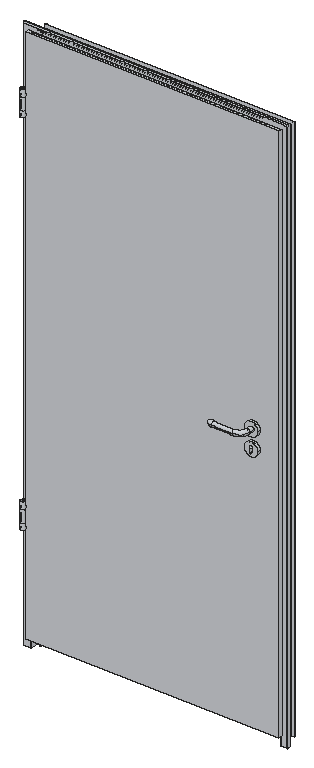
Revit family "BOS-Eckzarge-Eud-Dübelloch-MW_Familie", category Türen, Revit 2017
Family settings
  Basisbauteil = Wand
  Immer vertikal = Ja
  Beim Laden mit Abzugskörper schneiden = Nein
  Gemeinsam genutzt = Nein
  Raumberechnungspunkt = Ja
Parameters (values of type "Eud")
  Öffnungswinkel [instance] = if(Öffnungswinkel   Aperture < Öffnungswinkel min., Öffnungswinkel min., if(Öffnungswinkel   Aperture > Öffnungswinkel max., Öffnungswinkel max., Öffnungswinkel   Aperture)) * if(DIN links   DIN Left, 1, -1)  # 0.00°
  Öffnungswinkel min. = 0.00°  # constant formula
  Öffnungswinkel max. = 180.00°  # constant formula
  Öffnungswinkel   Aperture [instance] = 0.00°
  Wandstärke min. [instance] = 130 mm  # constant formula
  Wandstärke [instance] = if(Wandstärke   Wall Thickness < Wandstärke min., Wandstärke min., Wandstärke   Wall Thickness)  # 200 mm
  Türblattaufschlag = 13 mm  # constant formula
  Türblattabstand links-rechts = 3.5 mm  # constant formula
  Spiegel vorne min. = 30 mm  # constant formula
  Spiegel vorne max. = 80 mm  # constant formula
  Sickentiefe = 10 mm  # constant formula
  RNH Rohbau_Nennmaß_Höhe   Nominal Wall Opening Height Measurement [instance] = FMH Falzmaß Höhe + Einfügepunkt  # 2130 mm
  RNB Rohbau_Nennmaß_Breite   Nominal Wall Opening Width Measurement [instance] = FMB Falzmaß Breite + (2 * Einfügepunkt)  # 1010 mm
  Putzwinkel min. = 10 mm  # constant formula
  Putzwinkel max. = 28 mm  # constant formula
  Leibungstiefe min. = 40 mm  # constant formula
  Leibungstiefe max. = 40 mm  # constant formula
  Leibungstiefe   Soffit Depth [instance] = 40 mm  # constant formula
  Leibungstiefe [instance] = if(Leibungstiefe   Soffit Depth < Leibungstiefe min., Leibungstiefe min., if(Leibungstiefe   Soffit Depth > Leibungstiefe max., Leibungstiefe max., Leibungstiefe   Soffit Depth))  # 40 mm
  GT min. [instance] = Falztiefe gesamt + Leibungstiefe  # 68.5 mm
  Drehpunktreferenz horizontal = 500 mm  # constant formula
  Türblattversatz vertikal = if(Gefälzt, -3.5 mm, 15.5 mm)  # -3.5 mm
  Türblattversatz  horizontal = if(Gefälzt, 11.5 mm, 6 mm)  # 11.5 mm
  Türblattabstand 3 = 4.5 mm  # constant formula
  Türblattabstand 2 = 4.5 mm  # constant formula
  Türblattabstand 1 = if(Gefälzt, 1.5 mm, -2 mm)  # 1.5 mm
  Wandstärke   Wall Thickness [instance] = 200 mm
  Stumpf = Esd  # no
  VX Bänder [instance] = 1 < 2  # yes
  Putzwinkel vorne   Backbend Front [instance] = 10 mm  # constant formula
  Putzwinkel hinten   Backbend Back [instance] = 17 mm  # constant formula
  LDH Lichte Durchgangs Höhe   Clearance Height [instance] = FMH Falzmaß Höhe - Falzaufschlag gesamt  # 2093 mm
  LDB Lichte Durchgangs Breite   Clearance Width [instance] = FMB Falzmaß Breite - (2 * Falzaufschlag gesamt)  # 936 mm
  Gefälzt = Eud  # yes
  URL = "www.BestOfSteel.de/stahlzargen/zargen-fuer-drehfluegeltueren/eckzargen/"
  Türblattstärke 3 = if(Doppelfalz, Falztiefe 2, 0 mm)  # 0 mm
  Türblattstärke 2 = Türblattstärke - Türblattstärke 1 - Türblattstärke 3  # 25.5 mm
  Türblattstärke 1 = if(Gefälzt, 14.5 mm, 0 mm)  # 14.5 mm
  Türblattstärke = if(Einfachfalz, 40 mm, 65 mm)  # 40 mm
  Typenbild = <Keine Auswahl>
  Spiegel vorne   Architrave Front [instance] = 30 mm
  Spiegel vorne [instance] = if(Spiegel vorne   Architrave Front < Spiegel vorne min., Spiegel vorne min., if(Spiegel vorne   Architrave Front > Spiegel vorne max., Spiegel vorne max., Spiegel vorne   Architrave Front))  # 30 mm
  Rough Height = 0 mm  # constant formula
  Rough Width = 0 mm  # constant formula
  Rechtliche Hinweise [instance] = "www.BestOfSteel.de/tools-downloads/bim-building-information-modeling/"
  Putzwinkel vorne [instance] = if(Putzwinkel vorne   Backbend Front < Putzwinkel min., Putzwinkel min., if(Putzwinkel vorne   Backbend Front > Putzwinkel max., Putzwinkel max., Putzwinkel vorne   Backbend Front))  # 10 mm
  Putzwinkel hinten [instance] = if(Putzwinkel hinten   Backbend Back < Putzwinkel min., Putzwinkel min., if(Putzwinkel hinten   Backbend Back > Putzwinkel max., Putzwinkel max., Putzwinkel hinten   Backbend Back))  # 17 mm
  MW min. [instance] = Leibungstiefe min. + Falztiefe gesamt - Putzwinkel vorne  # 58.5 mm
  MW max. [instance] = GT max. - Putzwinkel vorne  # 58.5 mm
  Information in English = no
  GT max. [instance] = Falztiefe gesamt + Leibungstiefe  # 68.5 mm
  GT Gesamttiefe [instance] = if(GT Gesamttiefe_Zarge   Total Profile Depth < GT min., GT min., if(GT Gesamttiefe_Zarge   Total Profile Depth > GT max., GT max., GT Gesamttiefe_Zarge   Total Profile Depth))  # 68.5 mm
  Funktion = Innen
  Falztiefe gesamt = if(Einfachfalz, Falztiefe, Falztiefe + Falztiefe 2)  # 28.5 mm
  Falztiefe 2 = 25 mm  # constant formula
  Falztiefe = Türblattstärke 2 - Türblattabstand 1 + Türblattabstand 2  # 28.5 mm
  Falzaufschlag gesamt = if(Einfachfalz, Falzaufschlag, 2 * Falzaufschlag)  # 15 mm
  FMH min. = 1608 mm  # constant formula
  FMH max. = 2858 mm  # constant formula
  FMH Falzmaß_Höhe   Rebate Height Measurement [instance] = 2108 mm
  FMH Falzmaß Höhe [instance] = if(FMH Falzmaß_Höhe   Rebate Height Measurement < FMH min., FMH min., if(FMH Falzmaß_Höhe   Rebate Height Measurement > FMH max., FMH max., FMH Falzmaß_Höhe   Rebate Height Measurement))  # 2108 mm
  FMB min. = 591 mm  # constant formula
  FMB max. = 1342 mm  # constant formula
  FMB Falzmaß_Breite   Rebate Width Measurement [instance] = 966 mm
  FMB Falzmaß Breite [instance] = if(FMB Falzmaß_Breite   Rebate Width Measurement < FMB min., FMB min., if(FMB Falzmaß_Breite   Rebate Width Measurement > FMB max., FMB max., FMB Falzmaß_Breite   Rebate Width Measurement))  # 966 mm
  Drückerhöhe [instance] = if(Drückerhöhe   Handle Height < 850 mm, 850 mm, if(Drückerhöhe   Handle Height > 1050 mm, 1050 mm, Drückerhöhe   Handle Height))  # 1050 mm
  Drehpunkt Warnung sichtbar = yes
  Drehpunkt Warnung [instance] = and(Drehpunkt Warnung sichtbar, not(Öffnungswinkel = 0.00°))  # no
  Doppelfalz = 1 > 2  # no
  Einfachfalz = or(Eud, Esd)  # yes
  Dichtungsversatz vertikal 2 [instance] = Falztiefe + Sickentiefe - Putzwinkel vorne + Falztiefe 2  # 53.5 mm
  Dichtungsversatz vertikal 1 [instance] = Falztiefe + Sickentiefe - Putzwinkel vorne  # 28.5 mm
  Dichtungsversatz horizontal 2 [instance] = Falzaufschlag  # 15 mm
  Dichtungsversatz horizontal 1 [instance] = 0 mm  # constant formula
  Dichtung 2 = Doppelfalz  # no
  Dichtung 1 = or(Einfachfalz, Doppelfalz)  # yes
  Drehpunktposition vertikal [instance] = (Wandstärke   Wall Thickness / 2) + Putzwinkel vorne + [Drehpunktabstand (SP) vertikal]  # 122.5 mm
  Drehpunktposition horizontal [instance] = Drehpunktreferenz horizontal + Einfügepunkt + if(DIN links   DIN Left, FMB Falzmaß Breite + [Drehpunktabstand (FM) horizontal], -[Drehpunktabstand (FM) horizontal])  # 1509 mm
  Drehpunktabstand (FM) horizontal = if(Gefälzt, 21 mm, 2.5 mm)  # 21 mm
  Drehpunktabstand (SP) vertikal = if(Gefälzt, 12.5 mm, 13.5 mm)  # 12.5 mm
  Bänder - Auswahl [instance] = if(Gefälzt, "3D Bänder gefälzt, Bandaufnahmen BVX11000", "3D Bänder stumpf, Bandaufnahmen BVX11000")  # "3D Bänder gefälzt, Bandaufnahmen BVX11000"
  Blechstärke = 1.5 mm  # constant formula
  BE max. = 100 mm  # constant formula
  BE Bodeneinstand [instance] = if(BE Bodeneinstand   Foundation Bedding < 0 mm, 0 mm, if(BE Bodeneinstand   Foundation Bedding > BE max., BE max., BE Bodeneinstand   Foundation Bedding))  # 30 mm
  Nivellierankerabstand vorne = Türblattstärke 1 + Türblattstärke 2 - 40 mm  # 0 mm
  Modell = "Eud"
  Material - Zarge = none
  Material - Türblatt = none
  Material - Drückergarnitur = none
  Material - Dichtung = none
  Material - Bänder = none
  Material = "grundiert, feuerverzinktes Feinblech nach DIN EN 10143"
  Height [instance] = RNH Rohbau_Nennmaß_Höhe   Nominal Wall Opening Height Measurement  # 2130 mm
  Hersteller = "BOS GmbH Best Of Steel, Lütkenfelde 4, D-48282 Emsdetten"
  GT Gesamttiefe_Zarge   Total Profile Depth [instance] = Falztiefe gesamt + Leibungstiefe  # 68.5 mm
  MW Fehler [instance] = Wandstärke   Wall Thickness < Wandstärke min.  # no
  Einfügepunkt = 22 mm  # constant formula
  Drückerhöhe   Handle Height [instance] = 1050 mm
  Drückergarnitur [instance] = 1 < 2  # yes
  Dicke = 0 mm  # constant formula
  DIN rechts   DIN Right [instance] = not(DIN links   DIN Left)  # no
  DIN links oder rechts [instance] = if(DIN links   DIN Left, "DIN links", "DIN rechts")  # "DIN links"
  DIN links   DIN Left [instance] = yes
  Eud = yes
  Esd = no
  Width = 0 mm  # constant formula
  Beschreibung = "Eckzarge mit Dübelloch schräg im Falz für Mauerwerk, gefälzt"
  Bauelement = "BOS Stahlzarge"
  BOS-Architekten-Beratung = "Tel.: +49 (0) 2572 203-203; E-Mail: architekten@BestOfSteel.de"
  BE Bodeneinstand   Foundation Bedding [instance] = 30 mm
  BBL1 Bandbezugslinie   Hinge Position 1 = 241 mm  # constant formula
  BA Bandabstand   Distance Between Hinges [instance] = if(FMH Falzmaß Höhe < 1546 mm, 935 mm, if(FMH Falzmaß Höhe < 1671 mm, 1060 mm, if(FMH Falzmaß Höhe < 1796 mm, 1185 mm, if(FMH Falzmaß Höhe < 1921 mm, 1310 mm, if(FMH Falzmaß Höhe < 2171 mm, 1435 mm, if(FMH Falzmaß Höhe < 2296 mm, 1685 mm, if(FMH Falzmaß Höhe < 2421 mm, 1810 mm, if(FMH Falzmaß Höhe < 2546 mm, 1935 mm, if(FMH Falzmaß Höhe < 2671 mm, 2060 mm, if(FMH Falzmaß Höhe < 2796 mm, 2185 mm, 2310 mm))))))))))  # 1435 mm
  Falzaufschlag = 15 mm  # constant formula
  Technische Infos rund um die Stahlzarge = "www.BestOfSteel.de/tools-downloads/technische-infos-rund-um-die-stahlzarge/"
  Info-Texte sichtbar = yes
Reference planes
  plane 1 "Wand": y = 0
  plane 2 "Mitte (Links/rechts)": x = 125
  plane 3 "Hinten": y = 100
  plane 4 "Vorne": y = -100
  plane 5 "RNB links": x = -380
  plane 6 "RNB rechts": x = 630
  plane 7 "RRH oben": z = 2130
  plane 8 "BBL1": z = 1867
  plane 9 "Drückerhöhe": z = 1050
  plane 10 "BBL2": z = 432
  plane 11 "BE": z = -30
  plane 12 "FMH oben": z = 2108
  plane 13 "BE max.": z = -100
  plane 14 "FMB links": x = -358
  plane 15 "FMB rechts": x = 608
  plane 16 "Drehpunkt vertikal": y = -122.5
  plane 17 "Drehpunkt horizontal": x = -379
  plane 18 "Drehpunktreferenz horizontal": x = 1130
Forms (mm)
  Sweep 1, solid, material <- "Material - Zarge", visible <- "Einfachfalz", detail levels medium+fine
    path origin (0, -100, 0) x (-1, 0, 0) y (0, 0, 1)
      loop
        line (380, -30) -> (380, 2130) -> (-630, 2130) -> (-630, -30)
    profile "BOS-Eud-Esd_Profil : BOS-Eud-Esd_Profil" origin (-380, -100, 1050) x (1, 0, 0) y (0, 1, 0)
      loop
        arc (37, 56) -> (36.268, 57.768) -> (34.5, 58.5) r 2.5
        line (34.5, 58.5) -> (20, 58.5) -> (20, 57) -> (34.5, 57)
        arc (34.5, 57) -> (35.207, 56.707) -> (35.5, 56) r 1
        line (35.5, 56) -> (35.5, 21.25)
        arc (35.5, 21.25) -> (34.135, 20.005) -> (33.021, 21.479) r 1.25
        line (33.021, 21.479) -> (33.949, 26.449)
        arc (33.949, 26.449) -> (33.308, 28.917) -> (31, 30) r 3
        line (31, 30) -> (23, 30)
        arc (23, 30) -> (21.232, 29.268) -> (20.5, 27.5) r 2.5
        line (20.5, 27.5) -> (20.5, -7.5)
        arc (20.5, -7.5) -> (20.207, -8.207) -> (19.5, -8.5) r 1
        line (19.5, -8.5) -> (-5.5, -8.5)
        arc (-5.5, -8.5) -> (-6.207, -8.207) -> (-6.5, -7.5) r 1
        line (-6.5, -7.5) -> (-6.5, 0) -> (-8, 0) -> (-8, -7.5)
        arc (-8, -7.5) -> (-7.268, -9.268) -> (-5.5, -10) r 2.5
        line (-5.5, -10) -> (19.5, -10)
        arc (19.5, -10) -> (21.268, -9.268) -> (22, -7.5) r 2.5
        line (22, -7.5) -> (22, 27.5)
        arc (22, 27.5) -> (22.293, 28.207) -> (23, 28.5) r 1
        line (23, 28.5) -> (31, 28.5)
        arc (31, 28.5) -> (32.154, 27.958) -> (32.475, 26.725) r 1.5
        line (32.475, 26.725) -> (31.547, 21.755)
        arc (31.547, 21.755) -> (33.996, 18.512) -> (37, 21.25) r 2.75
        line (37, 21.25) -> (37, 56)
  Sweep 2, solid, material <- "Material - Dichtung", visible <- "Dichtung 1", detail levels medium+fine
    path origin (0, -100, 0) x (-1, 0, 0) y (0, 0, 1)
      loop
        line (358, 0) -> (358, 2108) -> (-608, 2108) -> (-608, 0)
    profile "BOS-Dichtung_Profil : BOS-Dichtung_Profil" origin (-358, -100, 1054) x (1, 0, 0) y (0, 1, 0)
      loop
        arc (2.601, 27.263) -> (2.248, 27.116) -> (2.102, 26.763) r 0.5
        line (2.102, 26.763) -> (2.102, 22.634)
        arc (2.102, 22.634) -> (2.243, 22.254) -> (2.599, 22.057) r 0.584
        line (2.599, 22.057) -> (7.702, 21.28)
        arc (7.702, 21.28) -> (8.08, 21.392) -> (8.234, 21.754) r 0.462
        line (8.234, 21.754) -> (8.069, 25.992)
        arc (8.069, 25.992) -> (7.918, 26.403) -> (7.556, 26.65) r 0.716
        arc (7.556, 26.65) -> (5.104, 27.16) -> (2.601, 27.263) r 15.257
      loop
        arc (2.671, 20.957) -> (2.274, 20.838) -> (2.102, 20.46) r 0.501
        line (2.102, 20.46) -> (2.102, 17.565)
        arc (2.102, 17.565) -> (2.227, 17.151) -> (2.561, 16.874) r 0.75
        line (2.561, 16.874) -> (9.159, 15)
        arc (9.159, 15) -> (9.738, 14.926) -> (10.314, 15.026) r 1.962
        arc (10.314, 15.026) -> (11.596, 15.754) -> (12.503, 16.916) r 3.79
        arc (12.503, 16.916) -> (12.466, 17.289) -> (12.114, 17.416) r 0.351
        arc (12.114, 17.416) -> (9.731, 17.818) -> (8.301, 19.767) r 3.215
        arc (8.301, 19.767) -> (8.101, 20.097) -> (7.751, 20.259) r 0.66
        line (7.751, 20.259) -> (2.671, 20.957)
      loop
        arc (9.885, 26.692) -> (6.361, 28.049) -> (2.611, 28.5) r 15.273
        arc (2.611, 28.5) -> (1.229, 28.241) -> (0, 27.558) r 4.388
        arc (0, 27.558) -> (-0.126, 27.198) -> (0.203, 27.005) r 0.3
        line (0.203, 27.005) -> (1.052, 27.179) -> (1.052, 22.212) -> (0.253, 21.589)
        arc (0.253, 21.589) -> (0.158, 21.198) -> (0.517, 21.017) r 0.324
        arc (0.517, 21.017) -> (0.888, 20.925) -> (1.052, 20.58) r 0.446
        line (1.052, 20.58) -> (1.052, 17.338) -> (0.255, 16.575)
        arc (0.255, 16.575) -> (0.205, 16.209) -> (0.55, 16.077) r 0.297
        arc (0.55, 16.077) -> (1.217, 16.194) -> (1.892, 16.137) r 2.63
        line (1.892, 16.137) -> (9.198, 14.049)
        arc (9.198, 14.049) -> (9.621, 14.008) -> (10.045, 14.024) r 3.219
        arc (10.045, 14.024) -> (12.714, 15.531) -> (14.033, 18.298) r 5.088
        arc (14.033, 18.298) -> (13.874, 18.708) -> (13.442, 18.788) r 0.451
        line (13.442, 18.788) -> (12.151, 18.352)
        arc (12.151, 18.352) -> (10.406, 18.72) -> (9.336, 20.147) r 2.533
        line (9.336, 20.147) -> (9.088, 25.569)
        arc (9.088, 25.569) -> (9.253, 25.964) -> (9.663, 26.087) r 0.501
        arc (9.663, 26.087) -> (10.021, 26.299) -> (9.885, 26.692) r 0.329
  Sweep 3, void
    path origin (0, -100, 0) x (-1, 0, 0) y (0, 0, 1)
      loop
        line (380, 0) -> (380, 2130) -> (-125, 2130)
    profile "BOS-AK-Eckzarge-Einfachfalz_Profil : BOS-AK-Eckzarge-Einfachfalz_Profil" origin (-380, -100, 1065) x (1, 0, 0) y (0, 1, 0)
      loop
        line (-23.016, -20) -> (505, -20) -> (505, 200) -> (20, 200) -> (20, 57) -> (34.5, 57)
        arc (34.5, 57) -> (35.207, 56.707) -> (35.5, 56) r 1
        line (35.5, 56) -> (35.5, 30) -> (23, 30)
        arc (23, 30) -> (21.232, 29.268) -> (20.5, 27.5) r 2.5
        line (20.5, 27.5) -> (20.5, -17.5)
        arc (20.5, -17.5) -> (20.207, -18.207) -> (19.5, -18.5) r 1
        line (19.5, -18.5) -> (-3, -18.5)
        arc (-3, -18.5) -> (-5.475, -17.475) -> (-6.5, -15) r 3.5
        line (-6.5, -15) -> (-6.5, -11)
        arc (-6.5, -11) -> (-7.232, -9.232) -> (-9, -8.5) r 2.5
        line (-9, -8.5) -> (-19.557, -8.5)
        arc (-19.557, -8.5) -> (-21.23, -9.142) -> (-22.043, -10.739) r 2.5
        line (-22.043, -10.739) -> (-23.016, -20)
  Sweep 4, void
    path origin (0, -100, 0) x (-1, 0, 0) y (0, 0, 1)
      loop
        line (-630, 0) -> (-630, 2130) -> (-125, 2130)
    profile "BOS-AK-Eckzarge-Einfachfalz_Profil : BOS-AK-Eckzarge-Einfachfalz_Profil" origin (630, -100, 1065) x (1, 0, 0) y (0, 1, 0)
      loop
        line (23.016, -20) -> (22.043, -10.739)
        arc (22.043, -10.739) -> (21.23, -9.142) -> (19.557, -8.5) r 2.5
        line (19.557, -8.5) -> (9, -8.5)
        arc (9, -8.5) -> (7.232, -9.232) -> (6.5, -11) r 2.5
        line (6.5, -11) -> (6.5, -15)
        arc (6.5, -15) -> (5.475, -17.475) -> (3, -18.5) r 3.5
        line (3, -18.5) -> (-19.5, -18.5)
        arc (-19.5, -18.5) -> (-20.207, -18.207) -> (-20.5, -17.5) r 1
        line (-20.5, -17.5) -> (-20.5, 27.5)
        arc (-20.5, 27.5) -> (-21.232, 29.268) -> (-23, 30) r 2.5
        line (-23, 30) -> (-35.5, 30) -> (-35.5, 56)
        arc (-35.5, 56) -> (-35.207, 56.707) -> (-34.5, 57) r 1
        line (-34.5, 57) -> (-20, 57) -> (-20, 200) -> (-505, 200) -> (-505, -20) -> (23.016, -20)
Lines and regions (mm)
  reference lines
    curve 1: line (65, 650, 0) -> (185, 650, 0)
    curve 2: line (-379, -122.5, 0) -> (321, -122.5, 0)
    curve 3: line (65, -350, 0) -> (185, -350, 0)
    curve 4: line (65, -650, 0) -> (185, -650, 0)
  symbolic lines, style "DoorsHiddenLines", visible <- "DIN links   DIN Left", detail levels coarse
    curve 5: arc (630, -100, 0) -> (334.178, -814.178, 0) -> (-380, -1110, 0) r 1010
  symbolic lines, style "Doors", visible <- "DIN links   DIN Left", detail levels coarse
    curve 6: line (-380, -100, 0) -> (-380, -1110, 0)
  symbolic lines, style "DoorsHiddenLines", visible <- "DIN rechts   DIN Right", detail levels coarse
    curve 7: arc (-380, -100, 0) -> (-84.178, -814.178, 0) -> (630, -1110, 0) r 1010
  symbolic lines, style "Doors", visible <- "DIN rechts   DIN Right", detail levels coarse
    curve 8: line (630, -100, 0) -> (630, -1110, 0)
Text (mm)
  text "Außen     " at (-1696.17, 830.944, 0), in view "Ref.-Ebene"
  text "Außen" at (0, 1409.804, 2854.306), in view "Links"
  text "Placement side" at (0, 499.811, 2980.732), in view "Rechts"
Dimensions and locks
  locked: plane 3 "Hinten" to host wall
  locked: host wall to plane 4 "Vorne" at 0
  equal spacing: plane 5 "RNB links", plane 2 "Mitte (Links/rechts)", plane 6 "RNB rechts"
  "RNB Rohbau_Nennmaß_Breite   Nominal Wall Opening Width Measurement": plane 5 "RNB links" to plane 6 "RNB rechts"
  "Drückerhöhe": level to plane 9 "Drückerhöhe"
  "BE Bodeneinstand": plane 11 "BE" to level
  "Wandstärke   Wall Thickness": host wall to host wall
  "BBL1 Bandbezugslinie   Hinge Position 1": plane 12 "FMH oben" to plane 8 "BBL1"
  "BA Bandabstand   Distance Between Hinges": plane 8 "BBL1" to plane 10 "BBL2"
  "FMH Falzmaß Höhe": plane 12 "FMH oben" to level
  "RNH Rohbau_Nennmaß_Höhe   Nominal Wall Opening Height Measurement": plane 7 "RRH oben" to level
  curve 4 to curve 3 to plane 4 "Vorne" to plane 3 "Hinten" to curve 1 = 300 mm, 250 mm, 200 mm, 550 mm
  "BE max.": level to plane 13 "BE max."
  equal spacing: plane 14 "FMB links", plane 2 "Mitte (Links/rechts)", plane 15 "FMB rechts"
  "FMB Falzmaß Breite": plane 14 "FMB links" to plane 15 "FMB rechts"
  "Drehpunktposition vertikal": host wall to plane 16 "Drehpunkt vertikal"
  "Drehpunktreferenz horizontal": plane 6 "RNB rechts" to plane 18 "Drehpunktreferenz horizontal"
  "Drehpunktposition horizontal": plane 17 "Drehpunkt horizontal" to plane 18 "Drehpunktreferenz horizontal"
  "Öffnungswinkel": angle curve 2 to plane 16 "Drehpunkt vertikal"
  aligned and locked: plane 1 "Wand" to host wall
  aligned and locked: plane 6 "RNB rechts" to nested 1
  aligned and locked: nested 1 to plane 4 "Vorne"
  aligned and locked: plane 9 "Drückerhöhe" to nested 1
  aligned and locked: Sweep 2 sketch curve to plane 14 "FMB links"
  aligned and locked: Sweep 2 sketch curve to plane 12 "FMH oben"
  aligned and locked: Sweep 2 sketch curve to plane 15 "FMB rechts"
  aligned and locked: plane 16 "Drehpunkt vertikal" to curve 2
  aligned and locked: plane 17 "Drehpunkt horizontal" to curve 2
  aligned and locked: curve 2 to nested 2
  aligned and locked: nested 4 to plane 10 "BBL2"
  aligned and locked: plane 8 "BBL1" to nested 3
  aligned and locked: plane 17 "Drehpunkt horizontal" to nested 3
  aligned and locked: plane 17 "Drehpunkt horizontal" to nested 4
  aligned and locked: plane 16 "Drehpunkt vertikal" to nested 3
  aligned and locked: plane 16 "Drehpunkt vertikal" to nested 4
  aligned and locked: curve 1 to nested 8
  aligned and locked: plane 2 "Mitte (Links/rechts)" to nested 8
  aligned and locked: plane 18 "Drehpunktreferenz horizontal" to nested 6
  aligned and locked: plane 1 "Wand" to nested 6
  aligned and locked: nested 7 to plane 2 "Mitte (Links/rechts)"
  aligned and locked: curve 3 to nested 5
  aligned and locked: nested 5 to plane 2 "Mitte (Links/rechts)"
  aligned and locked: plane 5 "RNB links" to nested 10
  aligned and locked: nested 10 to plane 4 "Vorne"
  aligned and locked: plane 6 "RNB rechts" to nested 11
  aligned and locked: plane 4 "Vorne" to nested 11
  aligned and locked: nested 9 to Sweep 1  (x2)
  aligned and locked: Sweep 3 sketch curve to plane 7 "RRH oben"
  aligned and locked: plane 2 "Mitte (Links/rechts)" to Sweep 3 sketch curve
  aligned and locked: plane 5 "RNB links" to Sweep 3 sketch curve
  aligned and locked: level to Sweep 3 sketch curve
  aligned and locked: plane 7 "RRH oben" to Sweep 4 sketch curve
  aligned and locked: plane 2 "Mitte (Links/rechts)" to Sweep 4 sketch curve
  aligned and locked: plane 6 "RNB rechts" to Sweep 4 sketch curve
  aligned and locked: level to Sweep 4 sketch curve
  aligned and locked: curve 4 to nested 7
Automatic sketch dimensions
  Sweep 1 sketch curve to plane 6 "RNB rechts" = 0 mm
  Sweep 1 sketch curve to plane 5 "RNB links" = 0 mm
  Sweep 1 sketch curve to plane 11 "BE" = 0 mm  (x2)
  Sweep 1 sketch curve to plane 7 "RRH oben" = 0 mm
  Sweep 2 sketch curve to level = 0 mm  (x2)
  host wall to curve 7 = 0 mm
  curve 6 to plane 5 "RNB links" = 0 mm
  host wall to curve 8 = 0 mm
  host wall to curve 5 = 0 mm
  curve 5 to plane 6 "RNB rechts" = 0 mm
  host wall to curve 6 = 0 mm
  curve 7 to plane 5 "RNB links" = 0 mm
  curve 8 to plane 6 "RNB rechts" = 0 mm
  curve 4 to plane 2 "Mitte (Links/rechts)" = 60 mm
  curve 3 to plane 2 "Mitte (Links/rechts)" = 60 mm
  curve 1 to plane 2 "Mitte (Links/rechts)" = 60 mm
  plane 2 "Mitte (Links/rechts)" to curve 3 = 60 mm
  plane 2 "Mitte (Links/rechts)" to curve 4 = 60 mm
  plane 2 "Mitte (Links/rechts)" to curve 1 = 60 mm
Nested families
  nested 1: "BOS-BOS_Modell" at (630, -100, 1050), type "BOS-BOS_Modell", not visible
  nested 2: "BOS-Türblatt_Modell" at (125, -119, 0), type "BOS-Türblatt_Modell"
    with Glastürdrücker DIN rechts no, Glastürdrücker DIN links no, Drückergarnitur DIN rechts no, Drückergarnitur DIN links yes
  nested 3: "BOS-Band-VX_Modell" at (-379, -122.5, 1867), visible <- "VX Bänder", type "BOS-Band-VX_Modell", detail levels fine
  nested 4: "BOS-Band-VX_Modell" at (-379, -122.5, 432), visible <- "VX Bänder", type "BOS-Band-VX_Modell", detail levels fine
  nested 5: "BOS-Info-Texte_Beschriftung" at (125, -350.955, 0), visible <- "Drehpunkt Warnung", type "Drehpunkt Warnung"
  nested 6: "BOS-Info-Texte_Beschriftung" at (1130, -0.955, 0), visible <- "MW Fehler", type "Maulweite Fehlermeldung"
  nested 7: "BOS-Info-Texte_Beschriftung" at (125, -650.955, 0), visible <- "Info-Texte sichtbar", type "Rechtliche Hinweise"
  nested 8: "BOS-Info-Texte_Beschriftung" at (125, 649.045, 0), visible <- "Info-Texte sichtbar", type "Technische Hinweise"
  nested 9: "BOS-Logo_Modell" at (-353, -51.299, 0), type "BOS-Logo_Modell", detail levels fine
    with Abstand horizontal 4 mm
  nested 10: "BOS-Dübellochstanzung-schräg_Detail" at (-380, -100, 0), type "BOS-Dübellochstanzung-schräg_Detail", detail levels fine
    with Putzwinkel vorne 10 mm, Einfügepunkt 22 mm
  nested 11: "BOS-Dübellochstanzung-schräg_Detail" at (630, -100, 0) x (-1, 0, 0) z (0, 0, 1), type "BOS-Dübellochstanzung-schräg_Detail", detail levels fine
    with Putzwinkel vorne 10 mm, Einfügepunkt 22 mm
Definition of nested family "BOS-Türblatt_Modell"
  Parameters (values of type "BOS-Türblatt_Modell")
    Default Elevation = 1219.2 mm
    URL = "www.BestOfSteel.de"
    Türblattversatz vertikal = -3.5 mm
    Türblattversatz horizontal = 11.5 mm
    Technische Infos rund um die Stahlzarge = "www.BestOfSteel.de/tools-downloads/technische-infos-rund-um-die-stahlzarge/"
    Türblattaufschlag = 13 mm
    Türblattstärke 3 = 0 mm
    Türblattstärke 2 = 25.5 mm
    Türblattstärke 1 = 14.5 mm
    Türblattstärke = 40 mm
    Türblattabstand oben = 4 mm
    Türblattabstand unten = 7 mm
    Türblattabstand links-rechts = 3.5 mm
    TAH3 Türblatt Außenmaß Höhe 3 = FMH Zargen Falzmaß Höhe - Falzaufschlag - Türblattabstand oben - Türblattabstand unten  # 2082 mm
    TAH2 Türblatt Außenmaß Höhe 2 = FMH Zargen Falzmaß Höhe - Türblattabstand oben - Türblattabstand unten  # 2097 mm
    TAH Türblatt Außenmaß Höhe = FMH Zargen Falzmaß Höhe + if(Gefälzt, Türblattaufschlag, 0 mm) - Türblattabstand oben - Türblattabstand unten  # 2110 mm
    Stumpf = no
    Rechtliche Hinweise = "www.BestOfSteel.de/tools-downloads/bim-building-information-modeling/"
    Material - Türblatt = none
    Material - Drückergarnitur = none
    Glastürtdrücker = no
    Glastürdrücker DIN rechts [instance] = and(Glastürtdrücker, DIN rechts)  # no
    Glastürdrücker DIN links [instance] = and(Glastürtdrücker, DIN links)  # no
    Gefälzt = yes
    FMH Zargen Falzmaß Höhe = 2108 mm
    FMB Zargen Falzmaß Breite = 966 mm
    Einfachfalz = yes
    Drückerhöhe = 1050 mm
    Drückergarnitur = yes
    Drückerabstand = 100 mm
    Drehpunktabstand vertikal = (2 * Türblattstärke) + Türblattversatz vertikal  # 76.5 mm
    Drehpunktabstand horizontal = (TAB Türblatt Außenmass Breite / 2) + if(DIN links, -Türblattversatz horizontal, TAB Türblatt Außenmass Breite + Türblattversatz horizontal)  # 481 mm
    Doppelfalz = no
    Drückergarnitur DIN rechts [instance] = and(Drückergarnitur, DIN rechts)  # no
    Drückergarnitur DIN links [instance] = and(Drückergarnitur, DIN links)  # yes
    DIN rechts = no
    DIN links = yes
    Description = "Holz- oder Glastürblatt, mit Drücker, gefälzt oder stumpf"
    Keynote = "BOS Türblatt"
    TAB3 Türblatt Außenmass Breite Türblatt 3 = FMB Zargen Falzmaß Breite - 2 * (Falzaufschlag + [Türblattabstand links-rechts])  # 929 mm
    TAB Türblatt Außenmass Breite = FMB Zargen Falzmaß Breite + 2 * (if(Gefälzt, Türblattaufschlag, 0 mm) - [Türblattabstand links-rechts])  # 985 mm
    TAB2 Türblatt Außenmass Breite Türblatt 2 = FMB Zargen Falzmaß Breite - 2 * ([Türblattabstand links-rechts])  # 959 mm
    Falzaufschlag = 15 mm
    BOS-Architekten-Beratung = "Tel.: +49 (0) 2572 203-203; E-Mail: architekten@BestOfSteel.de"
  Reference planes
    plane 1: y = -7
    plane 2: z = 0
    plane 3: x = 0
    plane 4: z = 7
    plane 5: z = 2117
    plane 6: x = -492.5
    plane 7: x = 492.5
    plane 8: x = -479.5
    plane 9: x = 479.5
    plane 10: x = 464.5
    plane 11: x = -464.5
    plane 12: y = 7.5
    plane 13: y = 33
    plane 14: y = 33
    plane 15: z = 2104
    plane 16: z = 2089
    plane 17: x = -392.5
    plane 18: x = 392.5
    plane 19: y = 73
    plane 20: z = 1050
    plane 21: x = -502.5
    plane 22: x = 502.5
    plane 23: z = 2127
    plane 24: x = -985
    plane 25: x = -504
    plane 26: y = -3.5
  Forms (mm)
    Extrusion 1, solid, material <- "Material - Türblatt", detail levels medium+fine
      sketch origin (0, 0, 0) x (1, 0, 0) y (0, 1, 0)
        loop
          line (-492.5, 33) -> (-492.5, -7) -> (492.5, -7) -> (492.5, 33) -> (-492.5, 33)
      from 7 to 2117
    Extrusion 2, void
      sketch origin (0, 0, 0) x (1, 0, 0) y (0, 1, 0)
        loop
          line (-502.5, 73) -> (-502.5, 7.5) -> (-479.5, 7.5) -> (-479.5, 33) -> (-464.5, 33) -> (-464.5, 73) -> (-502.5, 73)
        loop
          line (464.5, 73) -> (464.5, 33) -> (479.5, 33) -> (479.5, 7.5) -> (502.5, 7.5) -> (502.5, 73) -> (464.5, 73)
      from 7 to 2117
    Extrusion 3, void
      sketch origin (0, 0, 0) x (0, 1, 0) y (0, 0, 1)
        loop
          line (73, 2127) -> (7.5, 2127) -> (7.5, 2104) -> (33, 2104) -> (33, 2089) -> (73, 2089) -> (73, 2127)
      from -492.5 to 492.5
  Cuts and joins
    Extrusion 2, Extrusion 3 cuts Extrusion 1
  Dimensions and locks
    "Türblattabstand unten": plane 4 to plane 2
    equal spacing: plane 6, plane 3, plane 7
    "TAB Türblatt Außenmass Breite": plane 6 to plane 7
    equal spacing: plane 8, plane 3, plane 9
    "TAB2 Türblatt Außenmass Breite Türblatt 2": plane 8 to plane 9
    equal spacing: plane 11, plane 3, plane 10
    "TAB3 Türblatt Außenmass Breite Türblatt 3": plane 11 to plane 10
    "Türblattstärke 1": plane 1 to plane 12
    "Türblattstärke 2": plane 13 to plane 12
    "Türblattstärke 3": plane 14 to plane 13
    "TAH Türblatt Außenmaß Höhe": plane 5 to plane 4
    "TAH2 Türblatt Außenmaß Höhe 2": plane 15 to plane 4
    "TAH3 Türblatt Außenmaß Höhe 3": plane 16 to plane 4
    "Drückerabstand": plane 6 to plane 17
    "Drückerabstand": plane 18 to plane 7
    "Türblattstärke": plane 19 to plane 14
    "Drückerhöhe": plane 20 to plane 2
    plane 21 to plane 6 = 10 mm
    plane 7 to plane 22 = 10 mm
    plane 23 to plane 5 = 10 mm
    "Drehpunktabstand horizontal": plane 24 to plane 25
    "TAB Türblatt Außenmass Breite": plane 24 to plane 3
    "Drehpunktabstand vertikal": plane 19 to plane 26
    aligned and locked: level to plane 2
    aligned and locked: Extrusion 1 sketch curve to plane 1
    aligned and locked: Extrusion 1 sketch curve to plane 6
    aligned and locked: Extrusion 1 sketch curve to plane 14
    aligned and locked: Extrusion 1 sketch curve to plane 7
    aligned and locked: Extrusion 1 to plane 4
    aligned and locked: plane 5 to Extrusion 1
    aligned and locked: plane 19 to Extrusion 2 sketch curve
    aligned and locked: plane 11 to Extrusion 2 sketch curve
    aligned and locked: plane 13 to Extrusion 2 sketch curve  (x2)
    aligned and locked: plane 8 to Extrusion 2 sketch curve
    aligned and locked: Extrusion 2 sketch curve to plane 12
    aligned and locked: plane 10 to Extrusion 2 sketch curve
    aligned and locked: plane 9 to Extrusion 2 sketch curve
    aligned and locked: plane 12 to Extrusion 2 sketch curve
    aligned and locked: Extrusion 2 sketch curve to plane 19
    aligned and locked: Extrusion 2 to plane 4
    aligned and locked: plane 5 to Extrusion 2
    aligned and locked: Extrusion 3 sketch curve to plane 12
    aligned and locked: plane 19 to Extrusion 3 sketch curve
    aligned and locked: Extrusion 3 sketch curve to plane 16
    aligned and locked: Extrusion 3 sketch curve to plane 15
    aligned and locked: Extrusion 3 sketch curve to plane 13
    aligned and locked: plane 7 to Extrusion 3
    aligned and locked: Extrusion 3 to plane 6
    aligned and locked: plane 22 to Extrusion 2 sketch curve
    aligned and locked: Extrusion 2 sketch curve to plane 21
    aligned and locked: plane 23 to Extrusion 3 sketch curve
    aligned and locked: nested 1 to plane 20
    aligned and locked: plane 20 to nested 3
    aligned and locked: plane 20 to nested 2
    aligned and locked: nested 4 to plane 20
    aligned and locked: nested 1 to plane 17
    aligned and locked: nested 3 to plane 17
    aligned and locked: nested 2 to plane 18
    aligned and locked: nested 4 to plane 18
    aligned and locked: plane 1 to nested 1
    aligned and locked: nested 3 to plane 14
    aligned and locked: plane 14 to nested 4
    aligned and locked: nested 2 to plane 1
  Nested families
    nested 1: "BOS-Drückergarnitur_Modell" at (-392.5, -7, 1050), visible <- "Drückergarnitur DIN rechts", type "BOS-Drückergarnitur_Modell", detail levels fine
    nested 2: "BOS-Drückergarnitur_Modell" at (392.5, -7, 1050) x (-1, 0, 0) z (0, 0, 1), visible <- "Drückergarnitur DIN links", type "BOS-Drückergarnitur_Modell", detail levels fine
    nested 3: "BOS-Drückergarnitur_Modell" at (-392.5, 33, 1050), visible <- "Drückergarnitur DIN rechts", type "BOS-Drückergarnitur_Modell", detail levels fine
    nested 4: "BOS-Drückergarnitur_Modell" at (392.5, 33, 1050) x (-1, 0, 0) z (0, 0, 1), visible <- "Drückergarnitur DIN links", type "BOS-Drückergarnitur_Modell", detail levels fine
  Definition of nested family "BOS-Drückergarnitur_Modell"
    Parameters (values of type "BOS-Drückergarnitur_Modell")
      URL = "www.BestOfSteel.de"
      Rechtliche Hinweise = "www.BestOfSteel.de/tools-downloads/bim-building-information-modeling/"
      Material - Drückergarnitur = none
      Description = "Drücker und Rosette"
      Keynote = "BOS Drückergarnitur"
      BOS-Architekten-Beratung = "Tel.: +49 (0) 2572 203-203; E-Mail: architekten@BestOfSteel.de"
      Technische Infos rund um die Stahlzarge = "www.BestOfSteel.de/tools-downloads/technische-infos-rund-um-die-stahlzarge/"
    Reference planes
      plane 1: y = 0
      plane 2: z = 0
      plane 3: x = 0
    Forms (mm)
      Sweep 1, solid, material <- "Material - Drückergarnitur"
        path origin (0, 0, 0) x (1, 0, 0) y (0, 1, 0)
          loop
            line (0, 0) -> (0, -10)
        profile origin (0, -5, 0) x (1, 0, 0) y (0, 0, 1)
          loop
            circle (0, 0) r 26
      Sweep 2, solid, material <- "Material - Drückergarnitur"
        path origin (0, 0, 0) x (1, 0, 0) y (0, 1, 0)
          loop
            line (0, -10) -> (0, -30.336)
            arc (0, -30.336) -> (8.201, -50.135) -> (28, -58.336) r 28
            line (28, -58.336) -> (108.063, -58.336)
            arc (108.063, -58.336) -> (116.614, -56.829) -> (124.133, -52.487) r 25
        profile origin (0, -20.168, 0) x (1, 0, 0) y (0, 0, 1)
          loop
            circle (0, 0) r 9
      Sweep 3, solid, material <- "Material - Drückergarnitur"
        path origin (0, 0, -70) x (1, 0, 0) y (0, 1, 0)
          loop
            line (0, 0) -> (0, -10)
        profile origin (0, -5, -70) x (1, 0, 0) y (0, 0, 1)
          loop
            circle (0, 0) r 26
          loop
            arc (-4.3, -12.6) -> (0, -16.9) -> (4.3, -12.6) r 4.3
            line (4.3, -12.6) -> (4.3, 0)
            arc (4.3, 0) -> (7.07, 8.305) -> (0, 13.47) r 7.421
            arc (0, 13.47) -> (-7.07, 8.305) -> (-4.3, 0) r 7.421
            line (-4.3, 0) -> (-4.3, -12.6)
    Dimensions and locks
      plane 2 to Sweep 3 = 70 mm
    Automatic sketch dimensions
      Sweep 1 sketch curve to plane 3 = 0 mm
      plane 1 to Sweep 1 sketch curve = 0 mm
      plane 1 to Sweep 1 sketch curve = 10 mm
      level to Sweep 1 sketch curve = 0 mm
      profile plane to Sweep 1 sketch curve = 0 mm
      Sweep 2 sketch curve to plane 3 = 0 mm
      plane 3 to Sweep 2 sketch curve = 28 mm
      plane 1 to Sweep 2 sketch curve = 33.336 mm
      Sweep 2 sketch curve to Sweep 2 sketch curve = 80.063 mm
      plane 1 to Sweep 2 sketch curve = 58.336 mm
      Sweep 2 sketch curve to Sweep 2 sketch curve = 16.07 mm
      plane 1 to Sweep 2 sketch curve = 10 mm
      level to Sweep 2 sketch curve = 0 mm
      profile plane to Sweep 2 sketch curve = 0 mm
      Sweep 3 sketch curve to plane 3 = 0 mm
      plane 1 to Sweep 3 sketch curve = 0 mm
      plane 1 to Sweep 3 sketch curve = 10 mm
      Sweep 3 sketch curve to Sweep 3 sketch curve = 0 mm  (x2)
      Sweep 3 sketch curve to profile plane = 0 mm  (x2)
      profile plane to Sweep 3 sketch curve = 0 mm  (x3)
      Sweep 3 sketch curve to Sweep 3 sketch curve = 4.3 mm
      Sweep 3 sketch curve to Sweep 3 sketch curve = 12.6 mm
      profile plane to Sweep 3 sketch curve = 6.049 mm
      radius of Sweep 1 sketch curve = 26 mm
      radius of Sweep 2 sketch curve = 9 mm
      radius of Sweep 3 sketch curve = 26 mm
Definition of nested family "BOS-Band-VX_Modell"
  Parameters (values of type "BOS-Band-VX_Modell")
    Öffnungswinkel = 0.00°
    URL = "www.BestOfSteel.de"
    Stumpf DIN rechts = and(Stumpf, DIN rechts)  # no
    Stumpf DIN links = and(Stumpf, DIN links)  # no
    Stumpf = no
    Rechtliche Hinweise = "www.BestOfSteel.de/tools-downloads/bim-building-information-modeling/"
    Material - Bänder = none
    Manufacturer = ""
    Gefälzt DIN rechts = and(Gefälzt, DIN rechts)  # no
    Gefälzt DIN links = and(Gefälzt, DIN links)  # yes
    Gefälzt = yes
    Drehwinkel = Öffnungswinkel  # 0.00°
    DIN rechts = no
    DIN links = yes
    Description = "Band VX gefälzt oder stumpf"
    Keynote = "BOS Modell"
    BOS-Architekten-Beratung = "Tel.: +49 (0) 2572 203-203; E-Mail: architekten@BestOfSteel.de"
    Technische Infos rund um die Stahlzarge = "www.BestOfSteel.de/tools-downloads/technische-infos-rund-um-die-stahlzarge/"
  Reference planes
    plane 1: y = 0
    plane 2: z = 0
    plane 3: x = 0
  Forms (mm)
    Sweep 1, solid, material <- "Material - Bänder"
      path origin (-13.92, -27.5, 1200) x (-1, 0, 0) y (0, 0, 1)
        loop
          line (-13.92, -1247.5) -> (-13.92, -1152.5)
      profile origin (0, -27.5, 0) x (1, 0, 0) y (0, 1, 0)
        loop
          circle (0, 27.5) r 6.5
    Extrusion 2, solid, material <- "Material - Bänder", visible <- "Gefälzt DIN links"
      sketch origin (58.575, -26.745, 0) x (1, 0, 0) y (0, 1, 0)
        loop
          line (-48.615, 25.844) -> (-47.575, 37.348) -> (-47.575, 39.245) -> (-51.075, 39.245) -> (-51.075, 37.506) -> (-52.154, 25.574)
          arc (-52.154, 25.574) -> (-64.788, 24.746) -> (-54.041, 31.44) r 6.527
          line (-54.041, 31.44) -> (-51.628, 33.938)
          arc (-51.628, 33.938) -> (-67.946, 23.257) -> (-48.615, 25.844) r 10
      from -23.5 to 23.5
    Extrusion 3, solid, material <- "Material - Bänder", visible <- "Stumpf DIN links"
      sketch origin (26.489, 48.796, 0) x (1, 0, 0) y (0, 1, 0)
        loop
          line (-37.489, -37.345) -> (-36.338, -50.529)
          arc (-36.338, -50.529) -> (-16.979, -51.887) -> (-33.436, -41.602) r 10
          line (-33.436, -41.602) -> (-31.004, -44.128)
          arc (-31.004, -44.128) -> (-23.943, -42.824) -> (-19.982, -48.813) r 6.507
          arc (-19.982, -48.813) -> (-25.866, -55.271) -> (-32.842, -50.01) r 6.486
          line (-32.842, -50.01) -> (-34.035, -37.197) -> (-34.035, -35.296) -> (-37.489, -35.296) -> (-37.489, -37.345)
      from -23.5 to 23.5
    Extrusion 4, solid, material <- "Material - Bänder", visible <- "Gefälzt DIN links"
      sketch origin (0, 0, 0) x (0.5, -0.866025, 0) y (0.866025, 0.5, 0)
        loop
          arc (-3.25, -5.629) -> (-6.279, -1.682) -> (-5.629, 3.25) r 6.5
          line (-5.629, 3.25) -> (0.121, 13.209) -> (-2.91, 14.959) -> (-8.66, 5)
          arc (-8.66, 5) -> (5.664, -8.241) -> (-1.564, 9.877) r 10
          line (-1.564, 9.877) -> (-1.017, 6.42)
          arc (-1.017, 6.42) -> (6.391, -1.185) -> (-3.25, -5.629) r 6.5
      from 24 to 47.5
    Extrusion 5, solid, material <- "Material - Bänder", visible <- "Gefälzt DIN links"
      sketch origin (0, 0, 0) x (0.5, -0.866025, 0) y (0.866025, 0.5, 0)
        loop
          arc (-3.25, -5.629) -> (-6.279, -1.682) -> (-5.629, 3.25) r 6.5
          line (-5.629, 3.25) -> (0.121, 13.209) -> (-2.91, 14.959) -> (-8.66, 5)
          arc (-8.66, 5) -> (5.664, -8.241) -> (-1.564, 9.877) r 10
          line (-1.564, 9.877) -> (-1.017, 6.42)
          arc (-1.017, 6.42) -> (6.391, -1.185) -> (-3.25, -5.629) r 6.5
      from -24 to -47.5
    Extrusion 6, solid, material <- "Material - Bänder", visible <- "Stumpf DIN links"
      sketch origin (0, 0, 0) x (1, 0, 0) y (0, 1, 0)
        loop
          line (4.091, 5.051) -> (6.293, 7.771)
          arc (6.293, 7.771) -> (-9.026, -4.305) -> (10, 0) r 10
          line (10, 0) -> (10, 15.5) -> (6.5, 15.5) -> (6.5, 0)
          arc (6.5, 0) -> (0, -6.5) -> (-6.5, 0) r 6.5
          arc (-6.5, 0) -> (-2.798, 5.867) -> (4.091, 5.051) r 6.5
      from 24 to 47.5
    Extrusion 7, solid, material <- "Material - Bänder", visible <- "Stumpf DIN links"
      sketch origin (0, 0, 0) x (1, 0, 0) y (0, 1, 0)
        loop
          line (4.091, 5.051) -> (6.293, 7.771)
          arc (6.293, 7.771) -> (-9.026, -4.305) -> (10, 0) r 10
          line (10, 0) -> (10, 15.5) -> (6.5, 15.5) -> (6.5, 0)
          arc (6.5, 0) -> (0, -6.5) -> (-6.5, 0) r 6.5
          arc (-6.5, 0) -> (-2.798, 5.867) -> (4.091, 5.051) r 6.5
      from -24 to -47.5
    Extrusion 8, solid, material <- "Material - Bänder", visible <- "Stumpf DIN rechts"
      sketch origin (-26.489, 48.796, 0) x (-1, 0, 0) y (0, -1, 0)
        loop
          line (-37.489, 37.345) -> (-37.489, 35.296) -> (-34.035, 35.296) -> (-34.035, 37.197) -> (-32.842, 50.01)
          arc (-32.842, 50.01) -> (-25.866, 55.271) -> (-19.982, 48.813) r 6.486
          arc (-19.982, 48.813) -> (-23.943, 42.824) -> (-31.004, 44.128) r 6.507
          line (-31.004, 44.128) -> (-33.436, 41.602)
          arc (-33.436, 41.602) -> (-16.979, 51.887) -> (-36.338, 50.529) r 10
          line (-36.338, 50.529) -> (-37.489, 37.345)
      from -23.5 to 23.5
    Extrusion 9, solid, material <- "Material - Bänder", visible <- "Stumpf DIN rechts"
      sketch origin (0, 0, 0) x (-1, 0, 0) y (0, -1, 0)
        loop
          arc (4.091, -5.051) -> (-2.798, -5.867) -> (-6.5, 0) r 6.5
          arc (-6.5, 0) -> (0, 6.5) -> (6.5, 0) r 6.5
          line (6.5, 0) -> (6.5, -15.5) -> (10, -15.5) -> (10, 0)
          arc (10, 0) -> (-9.026, 4.305) -> (6.293, -7.771) r 10
          line (6.293, -7.771) -> (4.091, -5.051)
      from 24 to 47.5
    Extrusion 10, solid, material <- "Material - Bänder", visible <- "Stumpf DIN rechts"
      sketch origin (0, 0, 0) x (-1, 0, 0) y (0, -1, 0)
        loop
          arc (4.091, -5.051) -> (-2.798, -5.867) -> (-6.5, 0) r 6.5
          arc (-6.5, 0) -> (0, 6.5) -> (6.5, 0) r 6.5
          line (6.5, 0) -> (6.5, -15.5) -> (10, -15.5) -> (10, 0)
          arc (10, 0) -> (-9.026, 4.305) -> (6.293, -7.771) r 10
          line (6.293, -7.771) -> (4.091, -5.051)
      from -24 to -47.5
    Extrusion 11, solid, material <- "Material - Bänder", visible <- "Gefälzt DIN rechts"
      sketch origin (-58.575, -26.745, 0) x (-1, 0, 0) y (0, -1, 0)
        loop
          arc (-48.615, -25.844) -> (-67.946, -23.257) -> (-51.628, -33.938) r 10
          line (-51.628, -33.938) -> (-54.041, -31.44)
          arc (-54.041, -31.44) -> (-64.788, -24.746) -> (-52.154, -25.574) r 6.527
          line (-52.154, -25.574) -> (-51.075, -37.506) -> (-51.075, -39.245) -> (-47.575, -39.245) -> (-47.575, -37.348) -> (-48.615, -25.844)
      from -23.5 to 23.5
    Extrusion 12, solid, material <- "Material - Bänder", visible <- "Gefälzt DIN rechts"
      sketch origin (0, 0, 0) x (-0.5, -0.866025, 0) y (0.866025, -0.5, 0)
        loop
          arc (-3.25, 5.629) -> (6.391, 1.185) -> (-1.017, -6.42) r 6.5
          line (-1.017, -6.42) -> (-1.564, -9.877)
          arc (-1.564, -9.877) -> (5.664, 8.241) -> (-8.66, -5) r 10
          line (-8.66, -5) -> (-2.91, -14.959) -> (0.121, -13.209) -> (-5.629, -3.25)
          arc (-5.629, -3.25) -> (-6.279, 1.682) -> (-3.25, 5.629) r 6.5
      from 24 to 47.5
    Extrusion 13, solid, material <- "Material - Bänder", visible <- "Gefälzt DIN rechts"
      sketch origin (0, 0, 0) x (-0.5, -0.866025, 0) y (0.866025, -0.5, 0)
        loop
          arc (-3.25, 5.629) -> (6.391, 1.185) -> (-1.017, -6.42) r 6.5
          line (-1.017, -6.42) -> (-1.564, -9.877)
          arc (-1.564, -9.877) -> (5.664, 8.241) -> (-8.66, -5) r 10
          line (-8.66, -5) -> (-2.91, -14.959) -> (0.121, -13.209) -> (-5.629, -3.25)
          arc (-5.629, -3.25) -> (-6.279, 1.682) -> (-3.25, 5.629) r 6.5
      from -24 to -47.5
  Lines and regions (mm)
    reference lines
      curve 1: line (0, 0, 0) -> (110, 0, 0)
  Dimensions and locks
    "Drehwinkel": angle curve 1 to plane 1
    aligned and locked: level to plane 2
    aligned and locked: plane 3 to curve 1
    aligned and locked: plane 1 to curve 1
  Automatic sketch dimensions
    Sweep 1 sketch curve to plane 3 = 0 mm
    Sweep 1 sketch curve to level = 47.5 mm
    level to Sweep 1 sketch curve = 47.5 mm
    Sweep 1 sketch curve to profile plane = 0 mm
    profile plane to Sweep 1 sketch curve = 27.5 mm
    Extrusion 2 sketch curve to Extrusion 2 sketch curve = 0 mm  (x3)
    plane 1 to Extrusion 2 sketch curve = 0 mm
    plane 3 to Extrusion 2 sketch curve = 0 mm
    plane 1 to Extrusion 2 sketch curve = 1.171 mm
    Extrusion 2 sketch curve to Extrusion 2 sketch curve = 6.421 mm
    Extrusion 2 sketch curve to plane 1 = 7.193 mm
    Extrusion 2 sketch curve to Extrusion 2 sketch curve = 0.526 mm
    Extrusion 2 sketch curve to Extrusion 2 sketch curve = 0.553 mm
    plane 1 to Extrusion 2 sketch curve = 0.901 mm
    Extrusion 2 sketch curve to plane 1 = 10.603 mm
    Extrusion 2 sketch curve to Extrusion 2 sketch curve = 3.5 mm
    Extrusion 2 sketch curve to Extrusion 2 sketch curve = 0.158 mm
    Extrusion 2 sketch curve to Extrusion 2 sketch curve = 1.739 mm
    Extrusion 2 sketch curve to plane 1 = 4.695 mm
    Extrusion 3 sketch curve to plane 1 = 0 mm
    Extrusion 3 sketch curve to plane 1 = 11.45 mm
    Extrusion 3 sketch curve to plane 3 = 11 mm
    plane 1 to Extrusion 3 sketch curve = 1.733 mm
    Extrusion 3 sketch curve to Extrusion 3 sketch curve = 1.151 mm
    Extrusion 3 sketch curve to Extrusion 3 sketch curve = 3.454 mm
    Extrusion 3 sketch curve to plane 1 = 7.193 mm
    Extrusion 3 sketch curve to Extrusion 3 sketch curve = 0.599 mm
    plane 1 to Extrusion 3 sketch curve = 1.214 mm
    Extrusion 3 sketch curve to Extrusion 3 sketch curve = 3.496 mm
    Extrusion 3 sketch curve to plane 1 = 4.667 mm
    Extrusion 3 sketch curve to Extrusion 3 sketch curve = 2.431 mm
    Extrusion 3 sketch curve to Extrusion 3 sketch curve = 0.001 mm
    Extrusion 3 sketch curve to Extrusion 3 sketch curve = 0.021 mm
    plane 1 to Extrusion 3 sketch curve = 0.017 mm
    Extrusion 3 sketch curve to Extrusion 3 sketch curve = 0.149 mm
    Extrusion 3 sketch curve to Extrusion 3 sketch curve = 2.05 mm
    Extrusion 4 sketch curve to Extrusion 4 sketch curve = 0 mm  (x6)
    curve 1 to Extrusion 4 sketch curve = 0 mm  (x2)
    Extrusion 4 sketch curve to curve 1 = 63.66 mm
    Extrusion 4 sketch curve to Extrusion 4 sketch curve = 3.031 mm
    Extrusion 4 sketch curve to curve 1 = 57.91 mm
    Extrusion 4 sketch curve to curve 1 = 56.564 mm
    Extrusion 4 sketch curve to Extrusion 4 sketch curve = 0.548 mm
    Extrusion 4 sketch curve to Extrusion 4 sketch curve = 1.017 mm
    Extrusion 4 sketch curve to curve 1 = 54.879 mm
    Extrusion 4 sketch curve to Extrusion 4 sketch curve = 3.25 mm
    Extrusion 4 sketch curve to Extrusion 4 sketch curve = 1.75 mm
    Extrusion 5 sketch curve to Extrusion 5 sketch curve = 0 mm  (x6)
    curve 1 to Extrusion 5 sketch curve = 0 mm  (x2)
    Extrusion 5 sketch curve to curve 1 = 63.66 mm
    Extrusion 5 sketch curve to Extrusion 5 sketch curve = 3.031 mm
    Extrusion 5 sketch curve to curve 1 = 57.91 mm
    Extrusion 5 sketch curve to curve 1 = 56.564 mm
    Extrusion 5 sketch curve to Extrusion 5 sketch curve = 0.548 mm
    Extrusion 5 sketch curve to Extrusion 5 sketch curve = 1.017 mm
    Extrusion 5 sketch curve to curve 1 = 54.879 mm
    Extrusion 5 sketch curve to Extrusion 5 sketch curve = 3.25 mm
    Extrusion 5 sketch curve to Extrusion 5 sketch curve = 1.75 mm
    Extrusion 6 sketch curve to Extrusion 6 sketch curve = 0 mm  (x6)
    Extrusion 6 sketch curve to curve 1 = 0 mm  (x2)
    Extrusion 6 sketch curve to curve 1 = 5.051 mm
    Extrusion 6 sketch curve to Extrusion 6 sketch curve = 4.091 mm
    Extrusion 6 sketch curve to curve 1 = 7.771 mm
    Extrusion 6 sketch curve to Extrusion 6 sketch curve = 2.203 mm
    Extrusion 6 sketch curve to Extrusion 6 sketch curve = 7.729 mm
    Extrusion 7 sketch curve to Extrusion 7 sketch curve = 0 mm  (x6)
    Extrusion 7 sketch curve to curve 1 = 0 mm  (x2)
    Extrusion 7 sketch curve to curve 1 = 5.051 mm
    Extrusion 7 sketch curve to Extrusion 7 sketch curve = 4.091 mm
    Extrusion 7 sketch curve to curve 1 = 7.771 mm
    Extrusion 7 sketch curve to Extrusion 7 sketch curve = 2.203 mm
    Extrusion 7 sketch curve to Extrusion 7 sketch curve = 7.729 mm
    Extrusion 8 sketch curve to plane 1 = 0 mm
    plane 1 to Extrusion 8 sketch curve = 11.45 mm
    Extrusion 8 sketch curve to plane 3 = 11 mm
    Extrusion 8 sketch curve to plane 1 = 1.733 mm
    Extrusion 8 sketch curve to Extrusion 8 sketch curve = 1.151 mm
    Extrusion 8 sketch curve to Extrusion 8 sketch curve = 3.454 mm
    plane 1 to Extrusion 8 sketch curve = 7.193 mm
    Extrusion 8 sketch curve to Extrusion 8 sketch curve = 0.599 mm
    Extrusion 8 sketch curve to plane 1 = 1.214 mm
    Extrusion 8 sketch curve to Extrusion 8 sketch curve = 3.496 mm
    plane 1 to Extrusion 8 sketch curve = 4.667 mm
    Extrusion 8 sketch curve to Extrusion 8 sketch curve = 2.431 mm
    Extrusion 8 sketch curve to Extrusion 8 sketch curve = 0.001 mm
    Extrusion 8 sketch curve to Extrusion 8 sketch curve = 0.021 mm
    Extrusion 8 sketch curve to plane 1 = 0.017 mm
    Extrusion 8 sketch curve to Extrusion 8 sketch curve = 0.149 mm
    Extrusion 8 sketch curve to Extrusion 8 sketch curve = 2.05 mm
    Extrusion 9 sketch curve to Extrusion 9 sketch curve = 0 mm  (x6)
    Extrusion 9 sketch curve to curve 1 = 0 mm
    curve 1 to Extrusion 9 sketch curve = 0 mm
    Extrusion 9 sketch curve to curve 1 = 5.051 mm
    Extrusion 9 sketch curve to Extrusion 9 sketch curve = 4.091 mm
    Extrusion 9 sketch curve to curve 1 = 7.771 mm
    Extrusion 9 sketch curve to Extrusion 9 sketch curve = 2.203 mm
    Extrusion 9 sketch curve to Extrusion 9 sketch curve = 7.729 mm
    Extrusion 10 sketch curve to Extrusion 10 sketch curve = 0 mm  (x6)
    Extrusion 10 sketch curve to curve 1 = 0 mm
    curve 1 to Extrusion 10 sketch curve = 0 mm
    Extrusion 10 sketch curve to curve 1 = 5.051 mm
    Extrusion 10 sketch curve to Extrusion 10 sketch curve = 4.091 mm
    Extrusion 10 sketch curve to curve 1 = 7.771 mm
    Extrusion 10 sketch curve to Extrusion 10 sketch curve = 2.203 mm
    Extrusion 10 sketch curve to Extrusion 10 sketch curve = 7.729 mm
    Extrusion 11 sketch curve to Extrusion 11 sketch curve = 0 mm  (x3)
    plane 1 to Extrusion 11 sketch curve = 0 mm
    Extrusion 11 sketch curve to plane 3 = 0 mm
    Extrusion 11 sketch curve to plane 1 = 1.171 mm
    Extrusion 11 sketch curve to Extrusion 11 sketch curve = 6.421 mm
    plane 1 to Extrusion 11 sketch curve = 7.193 mm
    Extrusion 11 sketch curve to Extrusion 11 sketch curve = 0.526 mm
    Extrusion 11 sketch curve to Extrusion 11 sketch curve = 0.553 mm
    Extrusion 11 sketch curve to plane 1 = 0.901 mm
    plane 1 to Extrusion 11 sketch curve = 10.603 mm
    Extrusion 11 sketch curve to Extrusion 11 sketch curve = 3.5 mm
    Extrusion 11 sketch curve to Extrusion 11 sketch curve = 0.158 mm
    Extrusion 11 sketch curve to Extrusion 11 sketch curve = 1.739 mm
    plane 1 to Extrusion 11 sketch curve = 4.695 mm
    Extrusion 12 sketch curve to Extrusion 12 sketch curve = 0 mm  (x6)
    curve 1 to Extrusion 12 sketch curve = 0 mm  (x2)
    curve 1 to Extrusion 12 sketch curve = 46.34 mm
    Extrusion 12 sketch curve to Extrusion 12 sketch curve = 3.031 mm  (x2)
    Extrusion 12 sketch curve to Extrusion 12 sketch curve = 5.75 mm
    Extrusion 12 sketch curve to Extrusion 12 sketch curve = 1.346 mm
    Extrusion 12 sketch curve to Extrusion 12 sketch curve = 0.548 mm
    Extrusion 12 sketch curve to Extrusion 12 sketch curve = 1.017 mm
    Extrusion 12 sketch curve to Extrusion 12 sketch curve = 3.25 mm
    Extrusion 12 sketch curve to Extrusion 12 sketch curve = 1.75 mm
    Extrusion 13 sketch curve to Extrusion 13 sketch curve = 0 mm  (x6)
    curve 1 to Extrusion 13 sketch curve = 0 mm  (x2)
    curve 1 to Extrusion 13 sketch curve = 46.34 mm
    Extrusion 13 sketch curve to Extrusion 13 sketch curve = 3.031 mm  (x2)
    Extrusion 13 sketch curve to Extrusion 13 sketch curve = 5.75 mm
    Extrusion 13 sketch curve to Extrusion 13 sketch curve = 1.346 mm
    Extrusion 13 sketch curve to Extrusion 13 sketch curve = 0.548 mm
    Extrusion 13 sketch curve to Extrusion 13 sketch curve = 1.017 mm
    Extrusion 13 sketch curve to Extrusion 13 sketch curve = 3.25 mm
    Extrusion 13 sketch curve to Extrusion 13 sketch curve = 1.75 mm
    radius of Sweep 1 sketch curve = 6.5 mm
Definition of nested family "BOS-BOS_Modell"
  Parameters (values of type "BOS-BOS_Modell")
    Abstand = 22 mm
  Reference planes
    plane 1 "Mitte (Vorne/hinten)": y = 0
    plane 2: z = 0
    plane 3 "Mitte (Links/rechts)": x = 0
    plane 4 "BOS": x = -22
  Dimensions and locks
    "Abstand": plane 4 "BOS" to plane 3 "Mitte (Links/rechts)"
    aligned and locked: level to plane 2
    aligned and locked: plane 1 "Mitte (Vorne/hinten)" to text3d elem
    aligned and locked: text3d elem to level
Definition of nested family "BOS-Info-Texte_Beschriftung"
  Parameters (values of type "Drehpunkt Warnung")
    Unten = no
    Schwarz = yes
    Rot = no
    Oben = yes
    Info-Text En unten = "Kein Text"
    Info-Text De unten = "Kein Text"
    Info-Text En oben = "Die Lage des Drehpunktes des Türblattes ist ungenau!\r\nBitte mit dem Bandhersteller abstimmen."
    Englisch unten rot = and(and(Unten, Englisch), Rot)  # no
    Englisch unten schwarz = and(and(Unten, Englisch), Schwarz)  # no
    Englisch oben rot = and(and(Oben, Englisch), Rot)  # no
    Englisch oben schwarz = and(and(Oben, Englisch), Schwarz)  # no
    Info-Text De oben = "Der tatsächliche Drehpunkt des Türblattes\r\nkann von der Darstellung abweichen!"
    Warndreieck = no
    Fehlerkreis = no
    Englisch = no
    Deutsch unten rot = and(and(Unten, Deutsch), Rot)  # no
    Deutsch unten schwarz = and(and(Unten, Deutsch), Schwarz)  # no
    Deutsch oben rot = and(and(Oben, Deutsch), Rot)  # no
    Deutsch oben schwarz = and(and(Oben, Deutsch), Schwarz)  # yes
    Deutsch = not(Englisch)  # yes
    Ausrufezeichen = "!"
  Types (12, lengths in mm): name | Unten | Schwarz | Rot | Oben | Info-Text En unten | Info-Text De unten | Info-Text En oben | Info-Text De oben | Warndreieck | Fehlerkreis | Deutsch unten schwarz | Deutsch oben rot | Deutsch oben schwarz
    Rechtliche Hinweise | no | yes | no | yes | "Kein Text" | "Kein Text" | "In accordance with the protection note according to DIN 34, the ownership and copyrights are reserved!\r\n© 2016 BOS GmbH, Emsdetten, Germany -\r\nObserve the ISO 16016 protective label (see ID data)!\r\n\r\nSubject to technical change!" | "Entsprechend dem Schutzvermerk nach DIN 34 behalten wir uns Eigentum und Urheberrecht vor!\r\n© 2016 BOS GmbH, Emsdetten, Deutschland -\r\nSchutzvermerk ISO 16016 beachten (siehe ID-Daten)!\r\n\r\nTechnische Änderungen vorbehalten!" | no | no | no | no | yes
    Maulweite Fehlermeldung | no | yes | no | yes | "Kein Text" | "Kein Text" | "Check the wall thickness!" | "Wandstärke prüfen!" | no | yes | no | no | yes
    Verstellbereich | no | yes | no | yes | "Kein Text" | "Kein Text" | "Adjustment area from -5 to +15mm,\r\nother adjustment areas possible" | "Verstellbereich von -5 bis +15mm\r\nanderer Verstellbereich möglich" | no | no | no | no | yes
    Verstellbereich wSvdW | no | yes | no | yes | "Kein Text" | "Kein Text" | "Adjustment area in the soffit from -2 to +15mm,\r\nother adjustment areas possible" | "Verstellbereich in der Zargenleibung von -2 bis +15mm\r\nanderer Verstellbereich möglich" | no | no | no | no | yes
    Wandartauswahl 15Nz15Z | no | yes | no | yes | "Kein Text" | "Kein Text" | "Attention for stud walls: underlay from site required!\r\nFor DIN door leaves, select larger structural wall measurements.\r\nFor selection \"stud walls\":\r\nsee 'Features' (remove tick for brick walls)" | "Achtung bei Ständerwerk: bauseitige Unterfütterung erforderlich!\r\nBei DIN-Türblatt Rohbaumaße größer wählen.\r\nFür Auswahl \"Ständerwerk\": \r\nsiehe 'Eigenschaften' (Häkchen entfernen bei Mauerwerk)." | no | no | no | no | yes
    Technische Hinweise | no | yes | no | yes | "Kein Text" | "Kein Text" | "Due to manufacturing reasons this Revit family may not be changed\r\nwithout consulting BOS!\r\n\r\nDo not mirror frames (door list)!\r\nsee ‘Features’: DIN left / DIN right\r\n\r\nThe solid and stud walls or, for example, their profiles,\r\nmust be designed so that they can reliably and sustainably\r\nabsorb the static and dynamic forces resulting\r\nfrom the load on the door element used." | "Diese Revit-Familie darf aus fertigungstechnischen Gründen\r\nnicht ohne Rücksprache mit BOS abgeändert werden!\r\n\r\nZargen nicht spiegeln (Türliste)!\r\nsiehe 'Eigenschaften': DIN links / DIN rechts\r\n\r\nDie Massiv- und Ständerwerkswände bzw. deren Profile\r\nmüssen so ausgebildet sein, dass sie die statischen\r\nund dynamischen Kräfte, welche sich aus der Belastung\r\nder verwendeten Türelements ergeben, zuverlässig\r\nund nachhaltig aufnehmen können." | no | no | no | no | yes
